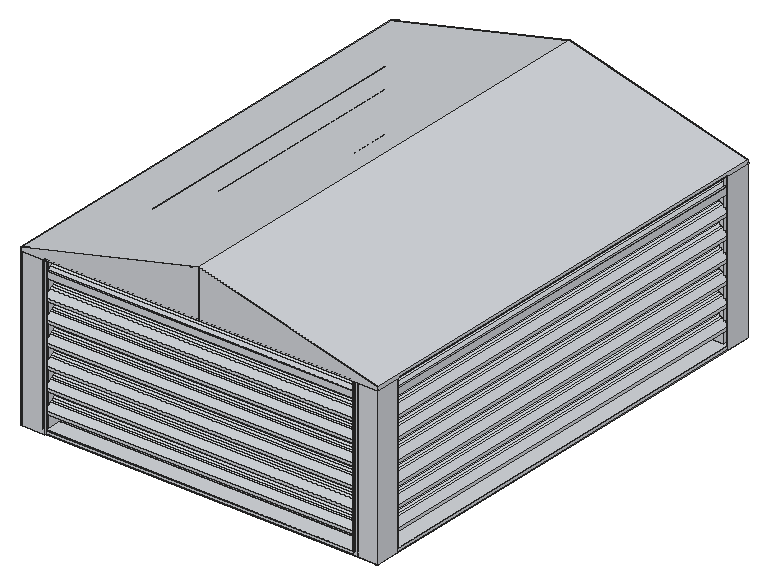
Revit family "PEL-4-SN", category Mechanical Equipment, Revit 2015 (continued)
Definition of nested family "SN CAP 1"
  Forms (in)
    Extrusion 1, solid
      sketch origin (0, -0.3745, -0.23056) x (0, 1, 0) y (0, 0, 1)
        loop
          line (-4.5005, 18.44062) -> (-4.5005, 54.44062) -> (-5.2076, 55.14773) -> (-5.28218, 55.07315) -> (-4.6051, 54.39607) -> (-4.6051, 18.33516) -> (-2.35597, 18.33516) -> (-2.35597, 16.33516) -> (-1.64886, 15.62805) -> (-1.57428, 15.70263) -> (-2.2505, 16.37884) -> (-2.2505, 18.44062) -> (-4.5005, 18.44062)
      from -33 to 33
    Extrusion 2, void
      sketch origin (0, -4.875, 0) x (1, 0, 0) y (0, 1, 0)
        loop
          line (-33, 3) -> (-33, -10.08148) -> (-19.91852, -10.08148) -> (-33, 3)
      from 0 to 87.42667
    Extrusion 3, void
      sketch origin (0, -4.875, 0) x (-1, 0, 0) y (0, -1, 0)
        loop
          line (-33, -3) -> (-19.91852, 10.08148) -> (-33, 10.08148) -> (-33, -3)
      from 0 to 87.42667
  Cuts and joins
    Extrusion 2, Extrusion 3 cuts Extrusion 1
  Dimensions and locks (in)
    equal spacing: plane 4, plane 3 "Center (Left/Right)", plane 5
    "Width": plane 4 to plane 5
    locked: plane 5 to plane 6 at 3
    locked: plane 7 to plane 4 at 3
    "H": Extrusion 1 sketch curve to Extrusion 1 sketch curve
    angle Extrusion 2 sketch curve to Extrusion 2 sketch curve = 45.00°
    angle Extrusion 3 sketch curve to Extrusion 3 sketch curve = 45.00°
    aligned and locked: level to plane 2
    aligned and locked: plane 7 to Extrusion 2 sketch curve
    aligned and locked: Extrusion 3 sketch curve to plane 6
    aligned and locked: cut or joined group of Extrusion 1, Extrusion 2, Extrusion 3 to plane 7
    aligned and locked: cut or joined group of Extrusion 1, Extrusion 2, Extrusion 3 to plane 6
  Automatic sketch dimensions
    plane 4 to Extrusion 2 sketch curve = 0' - 10.08148"
    plane 1 "Center (Front/Back)" to Extrusion 2 sketch curve = 1' - 2.95648"
    plane 5 to Extrusion 3 sketch curve = 0' - 10.08148"
    Extrusion 3 sketch curve to plane 1 "Center (Front/Back)" = 1' - 2.95648"
    plane 1 "Center (Front/Back)" to Extrusion 1 sketch curve = 0' - 5.65668"
    Extrusion 1 sketch curve to Extrusion 1 sketch curve = 0' - 0.07458"  (x3)
    Extrusion 1 sketch curve to Extrusion 1 sketch curve = 0' - 0.67708"
    Extrusion 1 sketch curve to Extrusion 1 sketch curve = 0' - 0.1046"
    plane 1 "Center (Front/Back)" to Extrusion 1 sketch curve = 0' - 2 187/256"
    Extrusion 1 sketch curve to Extrusion 1 sketch curve = 0' - 0 27/256"  (x2)
    Extrusion 1 sketch curve to Extrusion 1 sketch curve = 0' - 0.60164"
    level to Extrusion 1 sketch curve = 1' - 3.39749"
    Extrusion 1 sketch curve to Extrusion 1 sketch curve = 0' - 2"
    Extrusion 1 sketch curve to Extrusion 1 sketch curve = 0' - 0.04456"
Definition of nested family "SN CAP 2"
  Parameters (values of type "SN CAP 2")
    Width = 5' - 0"
    H = 3' - 0"
    C = 1' - 6"
  Reference planes (in)
    plane 1 "Center (Front/Back)": y = 0
    plane 2: z = 0
    plane 3 "Center (Left/Right)": x = 0
    plane 4: x = -30
    plane 5: x = 30
    plane 6: x = 33
    plane 7: x = -33
  Forms (in)
    Extrusion 1, solid
      sketch origin (0, -0.3745, -0.23056) x (0, 1, 0) y (0, 0, 1)
        loop
          line (-4.5005, 18.44062) -> (-4.5005, 54.44062) -> (-5.2076, 55.14773) -> (-5.28218, 55.07315) -> (-4.6051, 54.39607) -> (-4.6051, 18.33516) -> (-2.35597, 18.33516) -> (-2.35597, 16.33516) -> (-1.64886, 15.62805) -> (-1.57428, 15.70263) -> (-2.2505, 16.37884) -> (-2.2505, 18.44062) -> (-4.5005, 18.44062)
      from -33 to 33
    Extrusion 2, void
      sketch origin (0, -4.875, 0) x (1, 0, 0) y (0, 1, 0)
        loop
          line (-33, 3) -> (-33, -10.08148) -> (-19.91852, -10.08148) -> (-33, 3)
      from 0 to 87.42667
    Extrusion 3, void
      sketch origin (0, -4.875, 0) x (-1, 0, 0) y (0, -1, 0)
        loop
          line (-33, -3) -> (-19.91852, 10.08148) -> (-33, 10.08148) -> (-33, -3)
      from 0 to 87.42667
  Cuts and joins
    Extrusion 2, Extrusion 3 cuts Extrusion 1
  Dimensions and locks (in)
    equal spacing: plane 4, plane 3 "Center (Left/Right)", plane 5
    "Width": plane 4 to plane 5
    locked: plane 5 to plane 6 at 3
    locked: plane 7 to plane 4 at 3
    "H": Extrusion 1 sketch curve to Extrusion 1 sketch curve
    angle Extrusion 2 sketch curve to Extrusion 2 sketch curve = 45.00°
    angle Extrusion 3 sketch curve to Extrusion 3 sketch curve = 45.00°
    aligned and locked: level to plane 2
    aligned and locked: plane 7 to Extrusion 2 sketch curve
    aligned and locked: Extrusion 3 sketch curve to plane 6
    aligned and locked: cut or joined group of Extrusion 1, Extrusion 2, Extrusion 3 to plane 7
    aligned and locked: cut or joined group of Extrusion 1, Extrusion 2, Extrusion 3 to plane 6
  Automatic sketch dimensions
    plane 4 to Extrusion 2 sketch curve = 0' - 10.08148"
    plane 1 "Center (Front/Back)" to Extrusion 2 sketch curve = 1' - 2.95648"
    plane 5 to Extrusion 3 sketch curve = 0' - 10.08148"
    Extrusion 3 sketch curve to plane 1 "Center (Front/Back)" = 1' - 2.95648"
    plane 1 "Center (Front/Back)" to Extrusion 1 sketch curve = 0' - 5.65668"
    Extrusion 1 sketch curve to Extrusion 1 sketch curve = 0' - 0.07458"  (x3)
    Extrusion 1 sketch curve to Extrusion 1 sketch curve = 0' - 0.67708"
    Extrusion 1 sketch curve to Extrusion 1 sketch curve = 0' - 0.1046"
    plane 1 "Center (Front/Back)" to Extrusion 1 sketch curve = 0' - 2 187/256"
    Extrusion 1 sketch curve to Extrusion 1 sketch curve = 0' - 0 27/256"  (x2)
    Extrusion 1 sketch curve to Extrusion 1 sketch curve = 0' - 0.60164"
    level to Extrusion 1 sketch curve = 1' - 3.39749"
    Extrusion 1 sketch curve to Extrusion 1 sketch curve = 0' - 2"
    Extrusion 1 sketch curve to Extrusion 1 sketch curve = 0' - 0.04456"
Definition of nested family "SN ROOF"
  Parameters (values of type "SN ROOF")
    B = 4' - 0"
    A = 3' - 0"
  Reference planes (in)
    plane 1 "Center (Front/Back)": y = 0
    plane 2: z = 0
    plane 3 "Center (Left/Right)": x = 0
    plane 4: x = -18
    plane 5: x = 18
    plane 6: y = -24
    plane 7: y = 24
    plane 8: z = 0.5
    plane 9: y = -24.05
    plane 10: y = 24.05
    plane 11: x = -18.05
    plane 12: x = 18.05
  Forms (in)
    Extrusion 1, solid
      sketch origin (0, 0, 0) x (-1, 0, 0) y (0, 0, -1)
        loop
          line (18, 0) -> (18, -0.75981) -> (0, -5.25981) -> (-18, -0.75981) -> (-18, 0) -> (-18.05078, 0) -> (-18.05078, -0.79946) -> (0, -5.31216) -> (18.05078, -0.79946) -> (18.05078, 0) -> (18, 0)
      from -24.05 to 24.05
    Extrusion 2, solid
      sketch origin (0, 0, 0) x (1, 0, 0) y (0, 0, -1)
        loop
          line (-18.05, -0.79966) -> (0, -5.31216) -> (0, 0) -> (-18, 0) -> (-18.05, 0) -> (-18.05, -0.79966)
      from -24 to -24.05
    Extrusion 3, solid
      sketch origin (0, 6, 0) x (1, 0, 0) y (0, 0, -1)
        loop
          line (-18.05, -0.79966) -> (0, -5.31216) -> (0, 0) -> (-18, 0) -> (-18.05, 0) -> (-18.05, -0.79966)
      from 18.05 to 18
    Extrusion 4, solid
      sketch origin (0, 0, 0) x (1, 0, 0) y (0, 0, 1)
        loop
          line (18.05078, 0.79946) -> (0, 5.31216) -> (0, 0) -> (18.05078, 0) -> (18.05078, 0.79946)
      from 24 to 24.05
    Extrusion 5, solid
      sketch origin (0, 0, 0) x (1, 0, 0) y (0, 0, 1)
        loop
          line (18.05078, 0.79946) -> (0, 5.31216) -> (0, 0) -> (18.05078, 0) -> (18.05078, 0.79946)
      from -24.05 to -24
  Dimensions and locks (in)
    equal spacing: plane 4, plane 3 "Center (Left/Right)", plane 5
    "A": plane 4 to plane 5
    equal spacing: plane 7, plane 1 "Center (Front/Back)", plane 6
    "B": plane 7 to plane 6
    locked: plane 8 to level at 0.5
    locked: plane 9 to plane 6 at 0.05
    locked: plane 10 to plane 7 at 0.05
    locked: plane 11 to plane 4 at 0.05
    locked: plane 5 to plane 12 at 0.05
    locked: level to Extrusion 1 sketch curve (angle 14.0362°)
    locked: Extrusion 1 sketch curve to level (angle 14.0362°)
    locked: level to Extrusion 1 (angle 14.0362°)
    locked: Extrusion 1 to level (angle 14.0362°)
    locked: Extrusion 2 sketch curve to Extrusion 2 sketch curve (angle 14.0362°)
    locked: Extrusion 3 sketch curve to Extrusion 3 sketch curve (angle 14.0362°)
    locked: Extrusion 4 sketch curve to Extrusion 4 sketch curve (angle 14.0362°)
    locked: Extrusion 5 sketch curve to Extrusion 5 sketch curve (angle 14.0362°)
    aligned and locked: level to plane 2
    aligned and locked: plane 9 to Extrusion 1
    aligned and locked: plane 10 to Extrusion 1
    aligned and locked: plane 9 to Extrusion 2
    aligned and locked: plane 6 to Extrusion 2
    aligned and locked: Extrusion 2 sketch curve to plane 3 "Center (Left/Right)"
    aligned and locked: Extrusion 2 sketch curve to level
    aligned and locked: Extrusion 2 sketch curve to plane 11
    aligned and locked: Extrusion 3 to plane 7
    aligned and locked: Extrusion 1 to Extrusion 3
    aligned and locked: level to Extrusion 4 sketch curve
    aligned and locked: plane 3 "Center (Left/Right)" to Extrusion 4 sketch curve
    aligned and locked: Extrusion 1 to Extrusion 4
    aligned and locked: plane 6 to Extrusion 4
    aligned and locked: Extrusion 5 to plane 7
    aligned and locked: Extrusion 5 to Extrusion 1
  Automatic sketch dimensions
    Extrusion 1 sketch curve to level = 0' - 0"  (x2)
    Extrusion 1 sketch curve to plane 5 = 0' - 0"
    Extrusion 1 sketch curve to plane 3 "Center (Left/Right)" = 0' - 0"  (x2)
    Extrusion 1 sketch curve to plane 4 = 0' - 0"
    Extrusion 1 sketch curve to plane 12 = 0' - 0.00078"
    Extrusion 1 sketch curve to plane 11 = 0' - 0.00078"
    plane 8 to Extrusion 1 sketch curve = 0' - 0.25981"  (x2)
    Extrusion 1 sketch curve to Extrusion 1 sketch curve = 0' - 0.03965"
    Extrusion 1 sketch curve to Extrusion 1 sketch curve = 0' - 0.05234"
    Extrusion 2 sketch curve to plane 4 = 0' - 0"
    plane 8 to Extrusion 2 sketch curve = 0' - 0.29966"
    Extrusion 3 sketch curve to plane 11 = 0' - 0"
    Extrusion 3 sketch curve to level = 0' - 0"
    Extrusion 3 sketch curve to plane 4 = 0' - 0"
    Extrusion 3 sketch curve to plane 3 "Center (Left/Right)" = 0' - 0"
    plane 8 to Extrusion 3 sketch curve = 0' - 0.29966"
    Extrusion 4 sketch curve to plane 12 = 0' - 0.00078"
    plane 8 to Extrusion 4 sketch curve = 0' - 0.29946"
    Extrusion 5 sketch curve to plane 3 "Center (Left/Right)" = 0' - 0"
    Extrusion 5 sketch curve to level = 0' - 0"
    Extrusion 5 sketch curve to plane 12 = 0' - 0.00078"
    plane 8 to Extrusion 5 sketch curve = 0' - 0.29946"
Definition of nested family "Vert Supports"
  Parameters (values of type "Vert Supports")
    H = 1' - 0"
  Reference planes (in)
    plane 1 "Center (Front/Back)": y = 0
    plane 2: z = 0
    plane 3 "Center (Left/Right)": x = 0
    plane 4: y = 0.75
    plane 5: y = -0.75
    plane 6: x = -0.75
    plane 7: x = 0.75
    plane 8: z = 12
  Forms (in)
    Extrusion 1, solid
      sketch origin (0, 0, 0) x (1, 0, 0) y (0, 1, 0)
        loop
          line (-0.75, 0.75) -> (-0.75, -0.75) -> (0.75, -0.75) -> (0.75, 0.75) -> (-0.75, 0.75)
        loop
          line (-0.625, -0.625) -> (0.625, -0.625) -> (0.625, 0.625) -> (-0.625, 0.625) -> (-0.625, -0.625)
      from 0 to 12
  Dimensions and locks (in)
    "H": plane 8 to level
    aligned and locked: level to plane 2
    aligned and locked: Extrusion 1 sketch curve to plane 7
    aligned and locked: Extrusion 1 sketch curve to plane 6
    aligned and locked: plane 5 to Extrusion 1 sketch curve
    aligned and locked: Extrusion 1 sketch curve to plane 4
    aligned and locked: plane 8 to Extrusion 1
  Automatic sketch dimensions
    Extrusion 1 sketch curve to plane 6 = 0' - 0 1/8"
    Extrusion 1 sketch curve to plane 7 = 0' - 0 1/8"
    plane 5 to Extrusion 1 sketch curve = 0' - 0 1/8"
    Extrusion 1 sketch curve to plane 4 = 0' - 0 1/8"
Definition of nested family "Horizontal Supports"
  Parameters (values of type "Horizontal Supports")
    H = 2' - 0"
  Reference planes (in)
    plane 1 "Center (Front/Back)": y = 0
    plane 2: z = 0
    plane 3 "Center (Left/Right)": x = 0
    plane 4: y = 0.75
    plane 5: y = -0.75
    plane 6: x = -0.75
    plane 7: x = 0.75
    plane 8: z = 24
    plane 9: z = 12
  Forms (in)
    Extrusion 1, solid
      sketch origin (0, 0, 0) x (1, 0, 0) y (0, 1, 0)
        loop
          line (-0.75, 0.75) -> (-0.75, -0.75) -> (0.75, -0.75) -> (0.75, 0.75) -> (-0.75, 0.75)
        loop
          line (-0.625, -0.625) -> (0.625, -0.625) -> (0.625, 0.625) -> (-0.625, 0.625) -> (-0.625, -0.625)
      from 0 to 24
  Dimensions and locks (in)
    "H": plane 8 to level
    equal spacing: plane 8, plane 9, level
    aligned and locked: level to plane 2
    aligned and locked: Extrusion 1 sketch curve to plane 7
    aligned and locked: Extrusion 1 sketch curve to plane 6
    aligned and locked: plane 5 to Extrusion 1 sketch curve
    aligned and locked: Extrusion 1 sketch curve to plane 4
    aligned and locked: plane 8 to Extrusion 1
  Automatic sketch dimensions
    Extrusion 1 sketch curve to plane 6 = 0' - 0 1/8"
    Extrusion 1 sketch curve to plane 7 = 0' - 0 1/8"
    plane 5 to Extrusion 1 sketch curve = 0' - 0 1/8"
    Extrusion 1 sketch curve to plane 4 = 0' - 0 1/8"
Definition of nested family "Horizontal Supports 2"
  Parameters (values of type "Horizontal Supports 2")
    H = 2' - 0"
  Reference planes (in)
    plane 1 "Center (Front/Back)": y = 0
    plane 2: z = 0
    plane 3 "Center (Left/Right)": x = 0
    plane 4: y = 0.75
    plane 5: y = -0.75
    plane 6: x = -0.75
    plane 7: x = 0.75
    plane 8: z = 24
    plane 9: z = 12
  Forms (in)
    Extrusion 1, solid
      sketch origin (0, 0, 0) x (1, 0, 0) y (0, 1, 0)
        loop
          line (-0.75, 0.75) -> (-0.75, -0.75) -> (0.75, -0.75) -> (0.75, 0.75) -> (-0.75, 0.75)
        loop
          line (-0.625, -0.625) -> (0.625, -0.625) -> (0.625, 0.625) -> (-0.625, 0.625) -> (-0.625, -0.625)
      from 0 to 24
  Dimensions and locks (in)
    "H": plane 8 to level
    equal spacing: plane 8, plane 9, level
    aligned and locked: level to plane 2
    aligned and locked: Extrusion 1 sketch curve to plane 7
    aligned and locked: Extrusion 1 sketch curve to plane 6
    aligned and locked: plane 5 to Extrusion 1 sketch curve
    aligned and locked: Extrusion 1 sketch curve to plane 4
    aligned and locked: plane 8 to Extrusion 1
  Automatic sketch dimensions
    Extrusion 1 sketch curve to plane 6 = 0' - 0 1/8"
    Extrusion 1 sketch curve to plane 7 = 0' - 0 1/8"
    plane 5 to Extrusion 1 sketch curve = 0' - 0 1/8"
    Extrusion 1 sketch curve to plane 4 = 0' - 0 1/8"
